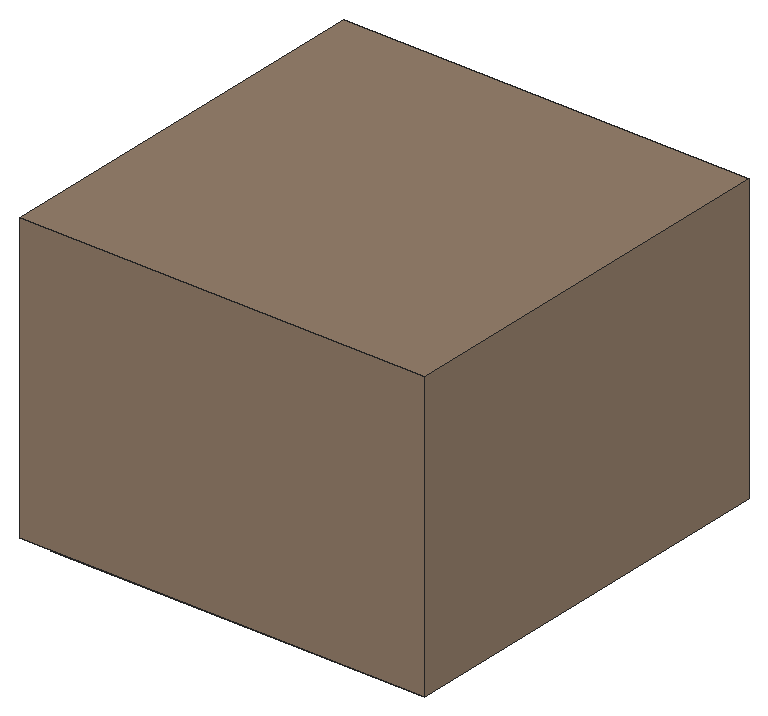
Revit family "Elan_Rottet_SideTable_Square_Closed", category Furniture, Revit 2010
Parameters (values of type "24 x 24 x 18")
  Width = 2' - 0"
  URL = "http://elanbydecca.com/"
  Veneer Interior [instance] = Furniture - DECCA (Elan) - Rottet - Veneer Interior
  Veneer Exterior [instance] = Furniture - DECCA (Elan) - Rottet - Veneer Exterior
  Base [instance] = Furniture - DECCA (Elan) - Rottet - Base
  Product URL = "http://elanbydecca.com/PDFs/elan_tearsheet-rottet.pdf"
  Model = "LR ST531"
  Manufacturer = "Decca Contract"
  Height = 1' - 6"
  Description = "Elan Rottet Side Table, Square, Closed"
  Depth = 2' - 0"
  Assembly Description = "Furniture & Accessories"
  Assembly Code = "E2020200"
Types (5): name | Width | Model | Height | Depth
  (no name) | 2' - 0" | "LR ST531" | 1' - 6" | 2' - 0"
  20 x 20 x 14 | 1' - 8" | "LR ST511" | 1' - 2" | 1' - 8"
  24 x 24 x 14 | 2' - 0" | "LR ST501" | 1' - 2" | 2' - 0"
  20 x 20 x 18 | 1' - 8" | "LR ST521" | 1' - 6" | 1' - 8"
  24 x 24 x 18 | 2' - 0" | "LR ST531" | 1' - 6" | 2' - 0"
Reference planes (in)
  plane 1 "Center Front/Back": y = -0.7524
  plane 2: z = 0
  plane 3 "Center Left/Right": x = 0
  plane 4 "L": x = -12
  plane 5 "R": x = 12
  plane 6 "F": y = -12.7524
  plane 7: y = 11.2476
  plane 8: through (-6.25338, 2.33237, 23.38953) normal (0.4297, -0.4297, 0.7941)
  plane 9: z = 18
  plane 10: z = 1
  plane 11: z = 0.25
  plane 12: y = -11.7524
  plane 13: y = 10.2476
  plane 14: x = -11
  plane 15: x = -8
  plane 16: y = -8.7524
  plane 17: y = 7.2476
  plane 18: x = 11
  plane 19: x = 8
  plane 20: x = 10.5
  plane 21: x = 10.53125
  plane 22: z = 3
  plane 23: z = 16.5
  plane 24: z = 16.53125
  plane 25: z = 2.96875
  plane 26: x = -2.59375
  plane 27: x = -2.5625
  plane 28: x = -2.59375
Forms (in)
  Extrusion 1, solid, material "Furniture - DECCA (Elan) - Rottet - Base" <- "Base"
    sketch origin (0, 0, 15.25) x (-1, 0, 0) y (0, -1, 0)
      loop
        line (8, -7.2476) -> (8, 8.7524) -> (-8, 8.7524) -> (-8, -7.2476) -> (8, -7.2476)
      loop
        line (11, -10.2476) -> (11, 11.7524) -> (-11, 11.7524) -> (-11, -10.2476) -> (11, -10.2476)
    from -15 to -14.25
  Extrusion 2, solid, material "Furniture - DECCA (Elan) - Rottet - Base" <- "Base"
    sketch origin (0, 0, 15.25) x (-1, 0, 0) y (0, -1, 0)
      loop
        circle (9.84662, 10.57162) r 0.59375
      loop
        circle (-9.84662, 10.57162) r 0.59375
      loop
        circle (9.84662, -9.06682) r 0.59375
      loop
        circle (-9.84662, -9.06682) r 0.59375
    from -15.25 to -15
  Extrusion 3, solid, material "Furniture - DECCA (Elan) - Rottet - Veneer Exterior" <- "Veneer Exterior"
    sketch origin (0, -0.7524, 0) x (1, 0, 0) y (0, 0, 1)
      loop
        line (-12, 18) -> (-12, 1) -> (12, 1) -> (12, 18) -> (-12, 18)
    from -12 to 12
Cuts and joins
  joined: Extrusion 1, Extrusion 2
Dimensions and locks (in)
  equal spacing: plane 7, plane 1 "Center Front/Back", plane 6 "F"
  "Width": plane 4 "L" to plane 5 "R"
  "Depth": plane 7 to plane 6 "F"
  "Height": plane 9 to level
  locked: plane 13 to plane 7 at 1
  locked: plane 12 to plane 6 "F" at 1
  locked: plane 17 to plane 13 at 3
  locked: plane 16 to plane 12 at 3
  locked: plane 18 to plane 19 at 3
  locked: plane 18 to plane 5 "R" at 1
  locked: plane 21 to plane 20 at 0.03125
  locked: plane 21 to plane 5 "R" at 1.46875
  plane 10 to plane 11 to level = 0' - 0 3/4" locked, 0' - 0 1/4" locked
  locked: plane 22 to plane 10 at 2
  plane 9 to plane 24 to plane 23 = 0' - 1 15/32" locked, 0' - 0 1/32" locked
  locked: plane 22 to plane 25 at 0.03125
  locked: plane 14 to Extrusion 2 sketch curve at 1.15338  (x2)
  locked: Extrusion 2 sketch curve to plane 13 at 1.18078  (x2)
  locked: Extrusion 2 sketch curve to plane 18 at 1.15338  (x2)
  locked: Extrusion 2 sketch curve to plane 12 at 1.18078  (x2)
  aligned and locked: plane 17 to Extrusion 1 sketch curve
  aligned and locked: plane 13 to Extrusion 1 sketch curve
  aligned and locked: Extrusion 1 sketch curve to plane 14
  aligned and locked: plane 18 to Extrusion 1 sketch curve
  aligned and locked: Extrusion 1 sketch curve to plane 12
  aligned and locked: Extrusion 1 sketch curve to plane 16
  aligned and locked: Extrusion 1 sketch curve to plane 15
  aligned and locked: plane 19 to Extrusion 1 sketch curve
  aligned and locked: Extrusion 1 to plane 11
  aligned and locked: plane 10 to Extrusion 1
  aligned and locked: Extrusion 2 to level
  aligned and locked: plane 11 to Extrusion 2
  aligned and locked: Extrusion 3 sketch curve to plane 4 "L"
  aligned and locked: Extrusion 3 sketch curve to plane 10
  aligned and locked: Extrusion 3 sketch curve to plane 9
  aligned and locked: plane 5 "R" to Extrusion 3 sketch curve
  aligned and locked: plane 7 to Extrusion 3
  aligned and locked: Extrusion 3 to plane 6 "F"
Automatic sketch dimensions
  radius of Extrusion 2 sketch curve = 0' - 0 19/32"  (x4)
